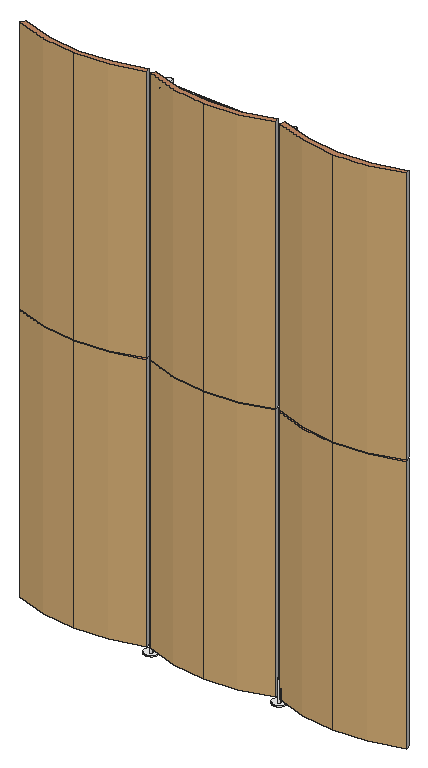
Revit family "Acoustic-Shell-Tower-Wenger-DIVA-16_32ft--", category Specialty Equipment, Revit 2018
Family settings
  Round Connector Dimension = Use Radius
  Part Type = Normal
  OmniClass Number = 23.21.25.13.11
  OmniClass Title = Acoustical Shells
  Work Plane-Based = No
  Always vertical = Yes
  Cut with Voids When Loaded = No
  Shared = No
  Room Calculation Point = No
Parameters (values of type "ERROR_LOAD TYPE CATALOG")
  ▼ Tapered Shell Selector [instance] = 0
  Tower Spacing Offset [instance] = 0' - 2"
  Tower Spacing Center Offset [instance] = Tower Spacing Offset / 2  # 0' - 1"
  No Taper [instance] = not(Tapered Shell)  # yes
  Version = 1
  URL = "https://www.wengercorp.com/"
  Tower Width = 12' - 0"
  Tower Height = 16' - 0"
  Tower Alignment Reference Offset = (Overall Width / 2) + (Shell Gap Horizontal Offset / 2)  # 6' - 0 173/256"
  ❷ Taper Right [instance] = and(Tapered Shell, ▼ Tapered Shell Selector > 1)  # no
  ❶ Taper Left [instance] = and(Tapered Shell, ▼ Tapered Shell Selector < 2)  # no
  Tower Array Number [instance] = 1
  Tapered Shell = no
  Taper Angle [instance] = 1.94°
  Door Right [instance] = no
  Door Left [instance] = no
  Door Clearance Radius = (Overall Width - Center Shell Panel Width - (Shell Gap Horizontal Offset * 4)) / 2  # 3' - 10 19/64"
  Shell Panel Height = 7' - 11 1/2"
  Shell Material = Wood - Wenger - Laminated Veneer Lumber
  Shell Gap Horizontal Offset = 0' - 1 45/128"
  Series = "DIVA®"
  Product Page URL = "https://www.wengercorp.com/acoustics/diva-full-stage-acoustical-shells.php"
  Panel Vertical Offset = 0' - 2"
  Panel Depth Offset = 0' - 0 11/16"
  Overall Width = Tower Width  # 12' - 0"
  Overall Height = Tower Height + Panel Vertical Offset  # 16' - 2"
  Overall Depth [instance] = 4' - 9.22512"
  Model = "ST051216"
  Manufacturer = "Wenger"  # constant formula
  Frame Height = 0' 7 55/128" + if(Tower Height < 17' 0", 15' 0 3/4", if(Tower Height < 18' 0", 15' 8 1/2", if(Tower Height < 19' 0", 17' 0", if(Tower Height < 20' 0", 17' 0", if(Tower Height < 21' 0", 18' 0", if(Tower Height < 22' 0", 18' 0", if(Tower Height < 23' 0", 20' 0", if(Tower Height < 24' 0", 20' 0", if(Tower Height < 25' 0", 22' 0", if(Tower Height < 26' 0", 23' 7 3/4", if(Tower Height < 27' 0", 24' 11", if(Tower Height < 28' 0", 24' 11", if(Tower Height < 29' 0", 25' 11", if(Tower Height < 30' 0", 25' 11", if(Tower Height < 31' 0", 27' 11", if(Tower Height < 32' 0", 27' 11", 29' 11 3/4"))))))))))))))))  # 15' - 8 23/128"
  ENGworks URL = "http://www.ENGworks.com/"
  Description = "Acoustical Tower"
  Center Shell Panel Width = 3' - 10"
  Assembly Code = "E1020300"
Reference planes (in)
  plane 1 "Center (Front/Back)": y = 0
  plane 2: z = 0
  plane 3 "Center (Left/Right)": x = 0
  plane 4: z = 2
  plane 5: y = 0.6875
  plane 6: z = 194
  plane 7: x = -72
  plane 8: x = 72
  plane 9: x = -24.875
  plane 10: x = 24.875
  plane 11: x = -71.17187
  plane 12: x = 71.17188
  plane 13: x = -73
  plane 14: x = 73
Lines and regions (in)
  model lines, style "Clearance", visible <- "Door Left", detail levels coarse+medium
    curve 1: arc (-71.17187, 0.6875, 0) -> (-57.61183, 33.42433, 0) -> (-24.875, 46.98437, 0) r 46.29687
    curve 3: line (-24.875, 46.98437, 0) -> (-24.875, 0.6875, 0)
  model lines, style "Clearance", visible <- "Door Right", detail levels coarse+medium
    curve 2: arc (71.17188, 0.6875, 0) -> (57.61183, 33.42433, 0) -> (24.875, 46.98437, 0) r 46.29688
    curve 4: line (24.875, 46.98437, 0) -> (24.875, 0.6875, 0)
Dimensions and locks (in)
  "Panel Vertical Offset": plane 4 to plane 2
  "Panel Depth Offset": plane 1 "Center (Front/Back)" to plane 5
  "Overall Height": plane 6 to plane 2
  "Door Clearance Radius": plane 11 to plane 9
  "Door Clearance Radius": plane 10 to plane 12
  "Tower Width": plane 7 to plane 8
  equal spacing: plane 7, plane 3 "Center (Left/Right)", plane 8
  "Tower Spacing Center Offset": plane 13 to plane 7
  "Tower Spacing Center Offset": plane 8 to plane 14
  aligned and locked: plane 2 to level
  aligned and locked: plane 1 "Center (Front/Back)" to nested 1
  aligned and locked: plane 3 "Center (Left/Right)" to nested 1
  aligned and locked: plane 2 to nested 1
  aligned and locked: curve 3 to plane 9
  aligned and locked: curve 4 to plane 10
  aligned and locked: plane 11 to curve 1
  aligned and locked: plane 5 to curve 1
  aligned and locked: plane 5 to curve 2
  aligned and locked: plane 12 to curve 2
  aligned and locked: nested 2 to plane 5
  aligned and locked: plane 3 "Center (Left/Right)" to nested 2
  aligned and locked: plane 4 to nested 2
Automatic sketch dimensions
  curve 3 to plane 5 = 0' - 0"
  curve 4 to plane 5 = 0' - 0"
Nested families (in)
  nested 1: "Wenger-DIVA_TowerCart" at (0, 0, 0), Vertical Frame Height <- "Frame Height", type "Standard", detail levels fine
    with Vertical Frame Height 15' - 8 23/128", Level 4 Cross Brace Visibility no, Level 4 Cross Brace Vertical Offset 30' - 8 11/256", Level 3 Cross Brace Visibility no, Level 3 Cross Brace Vertical Offset 22' - 8 31/64", 32ft Diva Tower no, 24ft Diva Tower no, Top Cross Brace Vertical Offset 7' - 11 143/256"
  nested 2: "Wenger-DIVA_TowerPanel_Assembly" at (0, 0.6875, 2), type "Standard"
    with Tower Spacing Offset 0' - 2", Taper Spacing Offset 0' - 0.06774", Taper Angle 1.94°
Definition of nested family "Wenger-DIVA_TowerCart"
  Parameters (values of type "Standard")
    Wheel Width = 0' - 2"
    Wheel Vertical Offset = 3' - 6 17/32"
    Wheel Radius = 0' - 3 1/2"
    Wheel Horizontal Offset = 1' - 2 3/8"
    Weight Box Width = 2' - 10"
    Weight Box Vertical Offset = 0' - 0 13/16"
    Weight Box Height = 0' - 9"
    Weight Box Depth = 0' - 11 1/8"
    Vertical Frame Vertical Offset = 0' - 0 29/32"
    Vertical Frame Horizontal Offset = 0' - 0 15/32"
    Vertical Frame Height [instance] = 17' - 7"
    Version = 1
    Tower Height = 16' - 0"
    Top Cross Brace Vertical Offset = 8' - 0"
    Manufacturer = "Wenger"  # constant formula
    Level 4 Cross Brace Visibility [instance] = [32ft Diva Tower]  # no
    Level 4 Cross Brace Vertical Offset [instance] = if([32ft Diva Tower], Vertical Frame Height - Cross Brace Frame Offset, Bottom Cross Brace Vertical Offset + Center Cross Brace Vertical Offset + (Top Cross Brace Vertical Offset * 3) - Cross Brace Frame Offset)  # 30' - 9 47/128"
    Level 3 Cross Brace Visibility [instance] = or([24ft Diva Tower], [32ft Diva Tower])  # no
    Level 3 Cross Brace Vertical Offset [instance] = if([24ft Diva Tower], Vertical Frame Height - Cross Brace Frame Offset, Bottom Cross Brace Vertical Offset + Center Cross Brace Vertical Offset + (Top Cross Brace Vertical Offset * 2) - Cross Brace Frame Offset)  # 22' - 9 47/128"
    Frame Material = none
    Description = "DIVA Tower Cart"
    Cross Brace Frame Offset = 0' - 11 1/2"
    Center Cross Brace Vertical Offset = 4' - 8 55/128"
    Leveler Shaft Radius = 0' - 0 1/2"
    Leveler Offset = 3' - 11 3/4"
    Leveler Height = 0' - 7 15/16"
    Leveler Foot Thickness = 0' - 0 3/16"
    Leveler Foot Radius = 0' - 2 1/2"
    ENGworks URL = "http://www.ENGworks.com/"
    Cross Brace Vertical Offset = 0' - 3 3/32"
    Cross Brace Radius = 0' - 1 1/4"
    Cart Wheel Height = 0' - 7 7/16"
    Brace Rod Radius = 0' - 0 1/2"
    Brace Rod Horizontal Offset = 1' - 5 7/8"
    Brace Rod End Vertical Offset = 1' - 1 5/16"
    Brace Rod End Horizontal Offset = 3' - 6 1/32"
    Brace Rod Bracket Width = 0' - 8 7/8"
    Brace Rod Bracket Depth = 0' - 1 13/16"
    Bottom Cross Brace Vertical Offset = 3' - 0 7/16"
    Base Handle Width = 2' - 0"
    Base Handle Radius = 0' - 0 1/2"
    Base Handle Height = 1' - 10 3/4"
    Base Handle Bracket Width = 0' - 1 1/4"
    Base Handle Bracket Height = 0' - 7"
    Base Handle Bend Radius = 0' - 2 1/2"
    Base Frame Material = none
    Base Frame Height = 0' - 8"
    Base Frame Depth = 4' - 2 7/32"
    Assembly Code = "E1020300"
    32ft Diva Tower [instance] = Tower Height > 24' 0"  # no
    24ft Diva Tower [instance] = and(Tower Height < 25' 0", Tower Height > 16' 0")  # no
  Reference planes (in)
    plane 1 "Center (Front/Back)": y = 0
    plane 2: z = 0
    plane 3 "Center (Left/Right)": x = 0
    plane 4: z = 7.4375
    plane 5: x = -23.875
    plane 6: x = 23.875
    plane 7: z = 0.1875
    plane 8: z = 7.9375
    plane 9: x = -14.375
    plane 10: x = 14.375
    plane 11: y = 42.53125
    plane 12: x = -15.375
    plane 13: x = -13.375
    plane 14: x = 13.375
    plane 15: x = 15.375
    plane 16: z = 3.5
    plane 17: x = -15.375
    plane 18: x = -13.375
    plane 19: x = -15.625
    plane 20: x = -13.125
    plane 21: y = 46.03125
    plane 22: y = 44.28125
    plane 23: y = 40.78125
    plane 24: x = 15.375
    plane 25: x = 13.375
    plane 26: x = 15.625
    plane 27: x = 13.125
    plane 28: y = 46.03125
    plane 29: y = 44.28125
    plane 30: y = 40.78125
    plane 31: y = 50.21875
    plane 32: y = 39.09375
    plane 33: x = -17
    plane 34: x = 17
    plane 35: z = 15.4375
    plane 36: z = 16.25
    plane 37: z = 7.25
    plane 38: x = -23.40625
    plane 39: x = 23.40625
    plane 40: y = 0.90625
    plane 41: z = 211
    plane 42: z = 36.4375
    plane 43: y = 3.09375
    plane 44: x = -17.875
    plane 45: x = 17.875
    plane 46: z = 13.3125
    plane 47: y = 42.03125
    plane 48: x = -18.8125
    plane 49: x = 18.8125
    plane 50: y = 47.96875
    plane 51: z = 15.1875
    plane 52: y = 39.34375
    plane 53: y = 41.00435
    plane 54: z = 12.6099
    plane 55: x = -17.375
    plane 56: z = 12.6099
    plane 57: x = -18.8125
    plane 58: x = 18.8125
    plane 59: x = 17.375
    plane 60: y = 47.96875
    plane 61: x = -18.8125
    plane 62: x = 18.8125
    plane 63: x = -17.375
    plane 64: x = 17.5
    plane 65: y = 41.00435
    plane 66: z = 92.86719
    plane 67: z = 188.86719
    plane 68: z = 273.36719
    plane 69: z = 369.36719
    plane 70: x = -12
    plane 71: x = 12
    plane 72: z = 14.25
    plane 73: x = -11.375
    plane 74: x = -12.625
    plane 75: x = 11.375
    plane 76: x = 12.625
    plane 77: y = 50.84375
    plane 78: y = 51.46875
    plane 79: z = 30
  Forms (in)
    Sweep 1, solid, material <- "Frame Material"
      path origin (0, 0, 0) x (1, 0, 0) y (0, 0, 1)
        loop
          line (-23.875, 0) -> (-23.875, 0.1875)
      profile "Profile-Circle : Profile-Leveler Disk" origin (-23.875, 0, 0.09375) x (-1, 0, 0) y (0, -1, 0)
        loop
          circle (0, 0) r 2.5
    Sweep 2, solid, material <- "Frame Material"
      path origin (0, 0, 0) x (1, 0, 0) y (0, 0, 1)
        loop
          line (-23.875, 0.1875) -> (-23.875, 7.9375)
      profile "Profile-Circle : Profile-Leveler Shaft" origin (-23.875, 0, 4.0625) x (-1, 0, 0) y (0, -1, 0)
        loop
          circle (0, 0) r 0.5
    Sweep 3, solid, material <- "Frame Material"
      path origin (0, 0, 0) x (1, 0, 0) y (0, 0, 1)
        loop
          line (23.875, 0) -> (23.875, 0.1875)
      profile "Profile-Circle : Profile-Leveler Disk" origin (23.875, 0, 0.09375) x (-1, 0, 0) y (0, -1, 0)
        loop
          circle (0, 0) r 2.5
    Sweep 4, solid, material <- "Frame Material"
      path origin (0, 0, 0) x (1, 0, 0) y (0, 0, 1)
        loop
          line (23.875, 0.1875) -> (23.875, 7.9375)
      profile "Profile-Circle : Profile-Leveler Shaft" origin (23.875, 0, 4.0625) x (-1, 0, 0) y (0, -1, 0)
        loop
          circle (0, 0) r 0.5
    Sweep 5, solid
      path origin (0, 82.57514, 3.5) x (0, 1, 0) y (-1, 0, 0)
        loop
          line (-40.04389, 15.375) -> (-40.04389, 13.375)
      profile "Profile-Circle : Profile-Wheel" origin (-14.375, 42.53125, 3.5) x (0, 1, 0) y (0, 0, 1)
        loop
          circle (0, 0) r 3.5
    Sweep 6, solid
      path origin (0, 82.57514, 3.5) x (0, 1, 0) y (-1, 0, 0)
        loop
          line (-40.04389, -13.375) -> (-40.04389, -15.375)
      profile "Profile-Circle : Profile-Wheel" origin (14.375, 42.53125, 3.5) x (0, 1, 0) y (0, 0, 1)
        loop
          circle (0, 0) r 3.5
    Sweep 7, solid, material <- "Base Frame Material"
      path origin (0, 0, 0) x (1, 0, 0) y (0, 1, 0)
        loop
          line (-15.625, 42.53125) -> (-13.125, 42.53125)
      profile origin (-14.375, 42.53125, 0) x (0, 1, 0) y (0, 0, 1)
        loop
          line (3.41667, 7.25) -> (-1.75, 7.25) -> (-1.75, 3.5)
          arc (-1.75, 3.5) -> (0, 2.36272) -> (1.75, 3.5) r 1.91506
          line (1.75, 3.5) -> (3.41667, 7.25)
    Sweep 8, solid, material <- "Base Frame Material"
      path origin (0, 0, 0) x (-1, 0, 0) y (0, 1, 0)
        loop
          line (-15.625, 42.53125) -> (-13.125, 42.53125)
      profile origin (14.375, 42.53125, 0) x (0, -1, 0) y (0, 0, 1)
        loop
          line (-3.41667, 7.25) -> (-1.75, 3.5)
          arc (-1.75, 3.5) -> (0, 2.36272) -> (1.75, 3.5) r 1.91506
          line (1.75, 3.5) -> (1.75, 7.25) -> (-3.41667, 7.25)
    Sweep 9, solid, material <- "Base Frame Material"
      path origin (0, 0, 0) x (1, 0, 0) y (0, 0, 1)
        loop
          line (0, 7.25) -> (0, 16.25)
      profile origin (0, 0, 11.75) x (-1, 0, 0) y (0, -1, 0)
        loop
          arc (15.75, -50.21875) -> (16.63388, -49.85263) -> (17, -48.96875) r 1.25
          line (17, -48.96875) -> (17, -39.09375) -> (-17, -39.09375) -> (-17, -48.96875)
          arc (-17, -48.96875) -> (-16.63388, -49.85263) -> (-15.75, -50.21875) r 1.25
          line (-15.75, -50.21875) -> (15.75, -50.21875)
    Sweep 10, solid, material <- "Base Frame Material"
      path origin (-17, 60, 48) x (0, 1, 0) y (0, 0, 1)
        loop
          line (-20.90625, -40.5625) -> (-20.90625, -32.5625)
      profile "Profile-Base Frame : Base Frame Profile" origin (-17, 39.09375, 11.4375) x (0, -1, 0) y (1, 0, 0)
        loop
          line (0, 0.25) -> (0, 0) -> (27.875, -5.57503) -> (31.25, -7.53125) -> (38.5625, -7.53125) -> (38.5625, -7.28125) -> (31.25, -7.28125) -> (27.875, -5.32503) -> (0, 0.25)
    Sweep 11, solid, material <- "Base Frame Material"
      path origin (17, 60, 48) x (0, 1, 0) y (0, 0, -1)
        loop
          line (-20.90625, 40.5625) -> (-20.90625, 32.5625)
      profile "Profile-Base Frame : Base Frame Profile" origin (17, 39.09375, 11.4375) x (0, 1, 0) y (-1, 0, 0)
        loop
          line (0, 0.25) -> (-27.875, -5.32503) -> (-31.25, -7.28125) -> (-38.5625, -7.28125) -> (-38.5625, -7.53125) -> (-31.25, -7.53125) -> (-27.875, -5.57503) -> (0, 0) -> (0, 0.25)
    Sweep 12, solid, material <- "Frame Material"
      path origin (-60, 0.90625, 48) x (-1, 0, 0) y (0, 0, 1)
        loop
          line (-36.59375, -40.5625) -> (-36.59375, 163)
      profile "Profile-Vertical Frame : Vertical Frame Profile" origin (-23.40625, 0.90625, 109.21875) x (1, 0, 0) y (0, 1, 0)
        loop
          line (-0.82812, 6.375) -> (-0.82812, 0) -> (0.82812, 0) -> (0.82813, 5.33245)
          arc (0.82813, 5.33245) -> (0.94408, 7.35353) -> (-0.82812, 6.375) r 1.15625
    Sweep 13, solid, material <- "Frame Material"
      path origin (60, 0.90625, 48) x (1, 0, 0) y (0, 0, -1)
        loop
          line (-36.59375, 40.5625) -> (-36.59375, -163)
      profile "Profile-Vertical Frame : Vertical Frame Profile" origin (23.40625, 0.90625, 109.21875) x (1, 0, 0) y (0, 1, 0)
        loop
          arc (0.82812, 6.375) -> (-0.94408, 7.35353) -> (-0.82813, 5.33245) r 1.15625
          line (-0.82813, 5.33245) -> (-0.82812, 0) -> (0.82812, 0) -> (0.82812, 6.375)
    Sweep 14, solid, material <- "Frame Material"
      path origin (-60.41868, 3.09375, 48) x (-1, 0, 0) y (0, 0, 1)
        loop
          line (-37.01243, -11.5625) -> (-83.82493, -11.5625)
      profile "Profile-Circle : Profile-Cross Brace" origin (0, 3.09375, 36.4375) x (0, 0, -1) y (0, 1, 0)
        loop
          circle (0, 0) r 1.25
    Sweep 15, solid, material <- "Frame Material"
      path origin (-17.875, -180, -12) x (0, 0, -1) y (0, -1, 0)
        loop
          line (-25.3125, -222.03125) -> (-48.4375, -183.09375)
      profile "Profile-Circle : Profile-Brace Rod" origin (-17.875, 22.5625, 24.875) x (0, 0.510634, 0.859798) y (-1, 0, 0)
        loop
          circle (0, 0) r 0.5
    Sweep 16, solid, material <- "Frame Material"
      path origin (17.875, -180, -12) x (0, 0, -1) y (0, 1, 0)
        loop
          line (-25.3125, 222.03125) -> (-48.4375, 183.09375)
      profile "Profile-Circle : Profile-Brace Rod" origin (17.875, 22.5625, 24.875) x (0, -0.510634, -0.859798) y (1, 0, 0)
        loop
          circle (0, 0) r 0.5
    Sweep 17, solid, material <- "Base Frame Material"
      path origin (0, 0, 0) x (1, 0, 0) y (0, 1, 0)
        loop
          line (-18.8125, 39.09375) -> (18.8125, 39.09375)
      profile origin (0, 39.09375, 0) x (0, 1, 0) y (0, 0, 1)
        loop
          line (8.875, 15.4375) -> (1.9106, 15.4375) -> (0, 12.6099) -> (0, 7.4375) -> (0.25, 7.4375) -> (0.25, 12.6099) -> (1.9106, 15.1875) -> (8.875, 15.1875) -> (8.875, 15.4375)
    Sweep 18, void
      path origin (0, 0, 0) x (1, 0, 0) y (0, 1, 0)
        loop
          line (0, 50.21875) -> (0, 39.09375)
      profile origin (0, 44.65625, 0) x (1, 0, 0) y (0, 0, 1)
        loop
          line (-18.8125, 12.6099) -> (-18.8125, 7.4375) -> (-17.375, 7.4375) -> (-18.8125, 12.6099)
        loop
          line (18.8125, 12.6099) -> (17.375, 7.4375) -> (18.8125, 7.4375) -> (18.8125, 12.6099)
    Sweep 19, void
      path origin (0, 0, 0) x (1, 0, 0) y (0, 0, 1)
        loop
          line (0, 7.4375) -> (0, 15.4375)
      profile origin (0, 0, 11.4375) x (-1, 0, 0) y (0, -1, 0)
        loop
          line (18.8125, -41.00435) -> (17.375, -47.96875) -> (18.8125, -47.96875) -> (18.8125, -41.00435)
        loop
          line (-18.8125, -47.96875) -> (-17.5, -47.96875) -> (-18.8125, -41.00435) -> (-18.8125, -47.96875)
    Sweep 20, solid, material <- "Frame Material"
      path origin (-60.41868, 3.09375, 48) x (-1, 0, 0) y (0, 0, 1)
        loop
          line (-37.01243, 44.86719) -> (-83.82493, 44.86719)
      profile "Profile-Circle : Profile-Cross Brace" origin (0, 3.09375, 92.86719) x (0, 0, -1) y (0, 1, 0)
        loop
          circle (0, 0) r 1.25
    Sweep 21, solid, material <- "Frame Material"
      path origin (-60.41868, 3.09375, 48) x (-1, 0, 0) y (0, 0, 1)
        loop
          line (-37.01243, 140.86719) -> (-83.82493, 140.86719)
      profile "Profile-Circle : Profile-Cross Brace" origin (0, 3.09375, 188.86719) x (0, 0, -1) y (0, 1, 0)
        loop
          circle (0, 0) r 1.25
    Sweep 22, solid, material <- "Frame Material", visible <- "Level 3 Cross Brace Visibility"
      path origin (-60.41868, 3.09375, 48) x (-1, 0, 0) y (0, 0, 1)
        loop
          line (-37.01243, 225.36719) -> (-83.82493, 225.36719)
      profile "Profile-Circle : Profile-Cross Brace" origin (0, 3.09375, 273.36719) x (0, 0, -1) y (0, 1, 0)
        loop
          circle (0, 0) r 1.25
    Sweep 23, solid, material <- "Frame Material", visible <- "Level 4 Cross Brace Visibility"
      path origin (-60.41868, 3.09375, 48) x (-1, 0, 0) y (0, 0, 1)
        loop
          line (-37.01243, 321.36719) -> (-83.82493, 321.36719)
      profile "Profile-Circle : Profile-Cross Brace" origin (0, 3.09375, 369.36719) x (0, 0, -1) y (0, 1, 0)
        loop
          circle (0, 0) r 1.25
    Sweep 24, solid, material <- "Base Frame Material"
      path origin (0, 0, 0) x (1, 0, 0) y (0, 0, 1)
        loop
          line (0, 7.25) -> (0, 14.25)
      profile origin (0, 0, 10.75) x (-1, 0, 0) y (0, -1, 0)
        loop
          line (12.625, -51.46875) -> (12.625, -50.21875) -> (11.375, -50.21875) -> (11.375, -51.46875) -> (12.625, -51.46875)
        loop
          line (-11.375, -51.46875) -> (-11.375, -50.21875) -> (-12.625, -50.21875) -> (-12.625, -51.46875) -> (-11.375, -51.46875)
    Sweep 25, solid, material <- "Frame Material"
      path origin (42.875, 50.84375, 48) x (1, 0, 0) y (0, 0, 1)
        loop
          line (-54.875, -40.75) -> (-54.875, -20.5)
          arc (-54.875, -20.5) -> (-54.14277, -18.73223) -> (-52.375, -18) r 2.5
          line (-52.375, -18) -> (-33.375, -18)
          arc (-33.375, -18) -> (-31.60723, -18.73223) -> (-30.875, -20.5) r 2.5
          line (-30.875, -20.5) -> (-30.875, -40.75)
      profile "Profile-Circle : Profile-Base Handle" origin (0, 50.84375, 30) x (0, 0, 1) y (0, -1, 0)
        loop
          circle (0, 0) r 0.5
  Cuts and joins
    Sweep 18, Sweep 19 cuts Sweep 17
    joined: Sweep 9, Sweep 17
  Dimensions and locks (in)
    "Cart Wheel Height": plane 4 to plane 2
    equal spacing: plane 6, plane 3 "Center (Left/Right)", plane 5
    "Leveler Offset": plane 5 to plane 6
    "Leveler Foot Thickness": plane 7 to plane 2
    "Leveler Height": plane 8 to plane 2
    "Wheel Horizontal Offset": plane 9 to plane 3 "Center (Left/Right)" to plane 10
    "Wheel Vertical Offset": plane 1 "Center (Front/Back)" to plane 11
    equal spacing: plane 12, plane 9, plane 13
    "Wheel Width": plane 12 to plane 13
    equal spacing: plane 14, plane 10, plane 15
    "Wheel Width": plane 14 to plane 15
    "Wheel Radius": plane 16 to plane 2
    equal spacing: plane 17, plane 9, plane 18
    locked: plane 19 to plane 17 at 0.25
    locked: plane 18 to plane 20 at 0.25
    "Wheel Width": plane 17 to plane 18
    "Wheel Radius": plane 21 to plane 11
    equal spacing: plane 21, plane 22, plane 11, plane 23
    equal spacing: plane 24, plane 10, plane 25
    locked: plane 26 to plane 24 at 0.25
    locked: plane 25 to plane 27 at 0.25
    equal spacing: plane 30, plane 11, plane 29, plane 28
    "Wheel Radius": plane 28 to plane 11
    "Base Frame Depth": plane 1 "Center (Front/Back)" to plane 31
    "Weight Box Depth": plane 31 to plane 32
    equal spacing: plane 33, plane 3 "Center (Left/Right)", plane 34
    "Weight Box Width": plane 33 to plane 34
    "Base Frame Height": plane 35 to plane 4
    "Weight Box Height": plane 36 to plane 37
    "Weight Box Vertical Offset": plane 36 to plane 35
    "Wheel Width": plane 25 to plane 24
    "Vertical Frame Vertical Offset": plane 1 "Center (Front/Back)" to plane 40
    "Vertical Frame Horizontal Offset": plane 5 to plane 38
    "Vertical Frame Horizontal Offset": plane 39 to plane 6
    "Vertical Frame Height": plane 41 to plane 2
    "Bottom Cross Brace Vertical Offset": plane 42 to plane 2
    "Cross Brace Vertical Offset": plane 1 "Center (Front/Back)" to plane 43
    "Brace Rod Horizontal Offset": plane 45 to plane 3 "Center (Left/Right)" to plane 44
    "Brace Rod End Vertical Offset": plane 46 to plane 2
    "Brace Rod End Horizontal Offset": plane 47 to plane 1 "Center (Front/Back)"
    "Brace Rod Bracket Depth": plane 48 to plane 33
    "Brace Rod Bracket Depth": plane 34 to plane 49
    "Brace Rod Bracket Width": plane 50 to plane 32
    locked: plane 52 to plane 32 at 0.25
    locked: plane 35 to plane 51 at 0.25
    locked: plane 51 to plane 54 at 2.5776
    locked: plane 53 to plane 52 at 1.6606
    locked: plane 35 to plane 56 at 2.8276
    "Brace Rod Radius": plane 44 to plane 55
    "Brace Rod Bracket Depth": plane 57 to plane 33
    "Brace Rod Radius": plane 59 to plane 45
    "Brace Rod Bracket Depth": plane 58 to plane 34
    "Brace Rod Bracket Width": plane 60 to plane 32
    "Brace Rod Bracket Depth": plane 61 to plane 33
    "Brace Rod Bracket Depth": plane 34 to plane 62
    "Brace Rod Radius": plane 44 to plane 63
    "Brace Rod Radius": plane 34 to plane 64
    locked: plane 65 to plane 32 at 1.9106
    "Center Cross Brace Vertical Offset": plane 66 to plane 42
    "Top Cross Brace Vertical Offset": plane 67 to plane 66
    equal spacing: plane 71, plane 3 "Center (Left/Right)", plane 70
    "Base Handle Width": plane 70 to plane 71
    "Base Handle Bracket Height": plane 72 to plane 37
    equal spacing: plane 74, plane 70, plane 73
    equal spacing: plane 75, plane 71, plane 76
    "Base Handle Bracket Width": plane 74 to plane 73
    "Base Handle Bracket Width": plane 75 to plane 76
    equal spacing: plane 78, plane 77, plane 31
    "Base Handle Bracket Width": plane 78 to plane 31
    "Base Handle Height": plane 79 to plane 37
    "Level 3 Cross Brace Vertical Offset": plane 68 to plane 2
    "Level 4 Cross Brace Vertical Offset": plane 69 to plane 2
    radius of Sweep 9 sketch curve = 0' - 1 1/4"  (x2)
    "Base Handle Bend Radius": radius of Sweep 25 sketch curve  (x2)
    aligned and locked: plane 2 to level
    aligned and locked: Sweep 1 sketch curve to plane 5
    aligned and locked: plane 7 to Sweep 1 sketch curve
    aligned and locked: plane 2 to Sweep 1 sketch curve
    aligned and locked: Sweep 2 sketch curve to plane 5
    aligned and locked: plane 8 to Sweep 2 sketch curve
    aligned and locked: plane 7 to Sweep 2 sketch curve
    aligned and locked: plane 6 to Sweep 3 sketch curve
    aligned and locked: plane 7 to Sweep 3 sketch curve
    aligned and locked: plane 2 to Sweep 3 sketch curve
    aligned and locked: plane 6 to Sweep 4 sketch curve
    aligned and locked: plane 7 to Sweep 4 sketch curve
    aligned and locked: plane 8 to Sweep 4 sketch curve
    aligned and locked: Sweep 5 sketch curve to plane 11
    aligned and locked: plane 12 to Sweep 5 sketch curve
    aligned and locked: plane 13 to Sweep 5 sketch curve
    aligned and locked: Sweep 6 sketch curve to plane 11
    aligned and locked: plane 14 to Sweep 6 sketch curve
    aligned and locked: plane 15 to Sweep 6 sketch curve
    aligned and locked: plane 19 to Sweep 7 sketch curve
    aligned and locked: plane 20 to Sweep 7 sketch curve
    aligned and locked: Sweep 7 sketch curve to plane 11
    aligned and locked: plane 16 to Sweep 7 sketch curve  (x2)
    aligned and locked: Sweep 7 sketch curve to plane 23
    aligned and locked: plane 22 to Sweep 7 sketch curve
    aligned and locked: Sweep 8 sketch curve to plane 26
    aligned and locked: Sweep 8 sketch curve to plane 27
    aligned and locked: plane 30 to Sweep 8 sketch curve
    aligned and locked: Sweep 8 sketch curve to plane 29
    aligned and locked: plane 16 to Sweep 8 sketch curve  (x2)
    aligned and locked: plane 3 "Center (Left/Right)" to Sweep 9 sketch curve
    aligned and locked: plane 37 to Sweep 9 sketch curve
    aligned and locked: plane 36 to Sweep 9 sketch curve
    aligned and locked: plane 32 to Sweep 9 sketch curve
    aligned and locked: Sweep 9 sketch curve to plane 31
    aligned and locked: Sweep 9 sketch curve to plane 34
    aligned and locked: plane 33 to Sweep 9 sketch curve
    aligned and locked: Sweep 7 sketch curve to plane 37
    aligned and locked: Sweep 8 sketch curve to plane 37
    aligned and locked: Sweep 10 sketch curve to plane 32
    aligned and locked: plane 35 to Sweep 10 sketch curve
    aligned and locked: plane 4 to Sweep 10 sketch curve
    aligned and locked: plane 35 to Sweep 11 sketch curve
    aligned and locked: plane 4 to Sweep 11 sketch curve
    aligned and locked: Sweep 11 sketch curve to plane 32
    aligned and locked: plane 41 to Sweep 12 sketch curve
    aligned and locked: plane 4 to Sweep 12 sketch curve
    aligned and locked: plane 38 to Sweep 12 sketch curve
    aligned and locked: plane 4 to Sweep 13 sketch curve
    aligned and locked: plane 39 to Sweep 13 sketch curve
    aligned and locked: plane 41 to Sweep 13 sketch curve
    aligned and locked: Sweep 14 sketch curve to plane 42
    aligned and locked: plane 38 to Sweep 14 sketch curve
    aligned and locked: plane 39 to Sweep 14 sketch curve
    aligned and locked: plane 46 to Sweep 15 sketch curve
    aligned and locked: plane 47 to Sweep 15 sketch curve
    aligned and locked: plane 43 to Sweep 15 sketch curve
    aligned and locked: plane 42 to Sweep 15 sketch curve
    aligned and locked: plane 47 to Sweep 16 sketch curve
    aligned and locked: plane 46 to Sweep 16 sketch curve
    aligned and locked: plane 43 to Sweep 16 sketch curve
    aligned and locked: plane 42 to Sweep 16 sketch curve
    aligned and locked: plane 48 to Sweep 17 sketch curve
    aligned and locked: Sweep 17 sketch curve to plane 32
    aligned and locked: plane 49 to Sweep 17 sketch curve
    aligned and locked: Sweep 17 sketch curve to plane 52
    aligned and locked: plane 4 to Sweep 17 sketch curve
    aligned and locked: plane 32 to Sweep 17 sketch curve
    aligned and locked: Sweep 17 sketch curve to plane 50
    aligned and locked: Sweep 17 sketch curve to plane 35
    aligned and locked: plane 51 to Sweep 17 sketch curve
    aligned and locked: plane 53 to Sweep 17 sketch curve  (x2)
    aligned and locked: plane 54 to Sweep 17 sketch curve  (x2)
    aligned and locked: Sweep 18 sketch curve to plane 3 "Center (Left/Right)"
    aligned and locked: plane 31 to Sweep 18 sketch curve
    aligned and locked: plane 32 to Sweep 18 sketch curve
    aligned and locked: Sweep 18 sketch curve to plane 58
    aligned and locked: plane 56 to Sweep 18 sketch curve  (x2)
    aligned and locked: plane 4 to Sweep 18 sketch curve  (x2)
    aligned and locked: plane 59 to Sweep 18 sketch curve
    aligned and locked: Sweep 18 sketch curve to plane 57
    aligned and locked: plane 55 to Sweep 18 sketch curve
    aligned and locked: plane 3 "Center (Left/Right)" to Sweep 19 sketch curve
    aligned and locked: plane 35 to Sweep 19 sketch curve
    aligned and locked: plane 4 to Sweep 19 sketch curve
    aligned and locked: plane 60 to Sweep 19 sketch curve  (x2)
    aligned and locked: Sweep 19 sketch curve to plane 61
    aligned and locked: plane 65 to Sweep 19 sketch curve  (x2)
    aligned and locked: plane 63 to Sweep 19 sketch curve
    aligned and locked: plane 62 to Sweep 19 sketch curve
    aligned and locked: plane 64 to Sweep 19 sketch curve
    aligned and locked: Sweep 20 sketch curve to plane 66
    aligned and locked: plane 38 to Sweep 20 sketch curve
    aligned and locked: plane 39 to Sweep 20 sketch curve
    aligned and locked: Sweep 21 sketch curve to plane 67
    aligned and locked: plane 38 to Sweep 21 sketch curve
    aligned and locked: plane 39 to Sweep 21 sketch curve
    aligned and locked: Sweep 22 sketch curve to plane 68
    aligned and locked: plane 38 to Sweep 22 sketch curve
    aligned and locked: plane 39 to Sweep 22 sketch curve
    aligned and locked: plane 69 to Sweep 23 sketch curve
    aligned and locked: plane 39 to Sweep 23 sketch curve
    aligned and locked: plane 38 to Sweep 23 sketch curve
    aligned and locked: plane 3 "Center (Left/Right)" to Sweep 24 sketch curve
    aligned and locked: plane 72 to Sweep 24 sketch curve
    aligned and locked: plane 37 to Sweep 24 sketch curve
    aligned and locked: plane 74 to Sweep 24 sketch curve
    aligned and locked: plane 31 to Sweep 24 sketch curve  (x2)
    aligned and locked: Sweep 24 sketch curve to plane 73
    aligned and locked: plane 75 to Sweep 24 sketch curve
    aligned and locked: Sweep 24 sketch curve to plane 76
    aligned and locked: plane 78 to Sweep 24 sketch curve  (x2)
    aligned and locked: Sweep 25 sketch curve to plane 79
    aligned and locked: Sweep 25 sketch curve to plane 70
    aligned and locked: plane 71 to Sweep 25 sketch curve
    aligned and locked: plane 37 to Sweep 25 sketch curve  (x2)
  Automatic sketch dimensions
    plane 21 to Sweep 7 sketch curve = 0' - 0.08333"
    Sweep 8 sketch curve to plane 11 = 0' - 0"
    plane 28 to Sweep 8 sketch curve = 0' - 0.08333"
Definition of nested family "Wenger-DIVA_TowerPanel_Assembly"
  Parameters (values of type "Standard")
    Version = 1
    Tower Spacing Offset = 0' - 1 1/4"
    Tower Base Offset = 0' - 2"
    Tower Height = 16' - 0"
    Tower Width = 12' - 0"
    Tower Array Number = 1
    Taper Spacing Offset = (Tower Spacing Offset * tan(Taper Angle))  # 0' - 0"
    Taper Right Vertical Offset = Tower Height - Taper Right Offset  # 16' - 0"
    Taper Right Offset = if(not(Taper Right), 0' 0", Tower Width * tan(Taper Angle)) + (((Tower Width * tan(Taper Angle)) + Taper Spacing Offset) * if(or(Taper Left, Taper Right), Tower Array Number - 1, 0))  # 0' - 0"
    Taper Right = no
    Taper Left Vertical Offset = Tower Height - Taper Left Offset  # 16' - 0"
    Taper Left Offset = if(not(Taper Left), 0' 0", Tower Width * tan(Taper Angle)) + (((Tower Width * tan(Taper Angle)) + Taper Spacing Offset) * if(or(Taper Left, Taper Right), Tower Array Number - 1, 0))  # 0' - 0"
    Taper Left = no
    Taper Angle = 0.00°
    Shell Material = none
    Shell Height = 7' - 11 1/2"
    Shell Gap Horizontal Offset = 0' - 1 45/128"
    Center Panel Width = 4' 0" - Shell Gap Horizontal Offset  # 3' - 10 83/128"
    Panel Curve Radius = 5' - 0"
    Manufacturer = "Wenger"  # constant formula
    ENGworks URL = "http://www.ENGworks.com/"
    Description = "Acoustic Shells"
    Assembly Code = "E1020300"
  Reference planes (in)
    plane 1 "Center (Front/Back)": y = 0
    plane 2: z = 0
    plane 3 "Center (Left/Right)": x = 0
    plane 4: z = 96.25
    plane 5: z = 192.5
    plane 6: z = 288.5
    plane 7: x = -72
    plane 8: x = 72
    plane 9: z = 192
    plane 10: z = 384
    plane 11: z = 288
    plane 12: z = 384.5
    plane 13: z = 95.75
    plane 14: y = -12
    plane 15: z = 192
    plane 16: z = 192
    plane 17: z = 96
  Forms (in)
    Sweep 1, solid
      path origin (0, 0, 0) x (1, 0, 0) y (0, 0, 1)
        loop
          line (0, 0) -> (0, 384)
      profile "Profile-Tower_Array_Panel : Tower_Panel-Profile" origin (0, 0, 192) x (-1, 0, 0) y (0, -1, 0)
        loop
          arc (-24.67578, 1.59166) -> (-36.27384, 5.11946) -> (-48.33789, 6.31073) r 61.68214
          arc (-48.33789, 6.31073) -> (-60.40194, 5.11946) -> (-72, 1.59166) r 61.68214
          line (-72, 1.59166) -> (-71.32845, 0)
          arc (-71.32845, 0) -> (-60.04517, 3.31667) -> (-48.33789, 4.43573) r 61.79832
          arc (-48.33789, 4.43573) -> (-36.63061, 3.31667) -> (-25.34734, 0) r 61.79832
          line (-25.34734, 0) -> (-24.67578, 1.59166)
        loop
          arc (72, 1.59166) -> (60.40194, 5.11946) -> (48.33789, 6.31073) r 61.68214
          arc (48.33789, 6.31073) -> (36.27384, 5.11946) -> (24.67578, 1.59166) r 61.68214
          line (24.67578, 1.59166) -> (25.34734, 0)
          arc (25.34734, 0) -> (36.63061, 3.31667) -> (48.33789, 4.43573) r 61.79832
          arc (48.33789, 4.43573) -> (60.04517, 3.31667) -> (71.32845, 0) r 61.79832
          line (71.32845, 0) -> (72, 1.59166)
        loop
          arc (0, 6.31073) -> (-11.89343, 5.11912) -> (-23.31406, 1.59166) r 59.94979
          line (-23.31406, 1.59166) -> (-22.65196, 0)
          arc (-22.65196, 0) -> (-11.54109, 3.31637) -> (0, 4.43573) r 60.05627
          arc (0, 4.43573) -> (11.54109, 3.31637) -> (22.65196, 0) r 60.05627
          line (22.65196, 0) -> (23.31406, 1.59166)
          arc (23.31406, 1.59166) -> (11.89343, 5.11912) -> (0, 6.31073) r 59.94979
    Sweep 2, void
      path origin (0, 0, 0) x (1, 0, 0) y (0, 1, 0)
        loop
          line (-72, 0) -> (72, 0)
      profile origin (0, 0, 0) x (0, 1, 0) y (0, 0, 1)
        loop
          line (0, 288.5) -> (-12, 288.5) -> (-12, 288) -> (0, 288) -> (0, 288.5)
        loop
          line (0, 192.5) -> (-12, 192.5) -> (-12, 192) -> (0, 192) -> (0, 192.5)
        loop
          line (-12, 96.25) -> (-12, 95.75) -> (0, 95.75) -> (0, 96.25) -> (-12, 96.25)
    Sweep 3, void
      path origin (0, 0, 0) x (1, 0, 0) y (0, 1, 0)
        loop
          line (0, 0) -> (0, -12)
      profile origin (0, -6, 0) x (1, 0, 0) y (0, 0, 1)
        loop
          line (-72, 384.5) -> (-72, 192) -> (72, 192) -> (72, 384.5) -> (-72, 384.5)
  Cuts and joins
    Sweep 2, Sweep 3 cuts Sweep 1
  Dimensions and locks (in)
    equal spacing: plane 8, plane 3 "Center (Left/Right)", plane 7
    "Tower Width": plane 8 to plane 7
    locked: plane 14 to plane 1 "Center (Front/Back)" at 12
    "Taper Left Vertical Offset": plane 15 to plane 2
    "Taper Right Vertical Offset": plane 16 to plane 2
    "Shell Height": plane 10 to plane 6
    "Shell Height": plane 11 to plane 5
    locked: plane 10 to plane 2 at 384
    locked: plane 11 to plane 2 at 288
    locked: plane 9 to plane 2 at 192
    locked: plane 12 to plane 10 at 0.5
    equal spacing: plane 9, plane 17, plane 2
    locked: plane 4 to plane 17 at 0.25
    locked: plane 17 to plane 13 at 0.25
    aligned and locked: plane 2 to level
    aligned and locked: plane 3 "Center (Left/Right)" to Sweep 1 sketch curve
    aligned and locked: plane 10 to Sweep 1 sketch curve
    aligned and locked: plane 2 to Sweep 1 sketch curve
    aligned and locked: plane 1 "Center (Front/Back)" to Sweep 2 sketch curve  (x3)
    aligned and locked: plane 7 to Sweep 2 sketch curve
    aligned and locked: plane 8 to Sweep 2 sketch curve
    aligned and locked: plane 6 to Sweep 2 sketch curve
    aligned and locked: Sweep 2 sketch curve to plane 11
    aligned and locked: plane 14 to Sweep 2 sketch curve  (x2)
    aligned and locked: plane 5 to Sweep 2 sketch curve
    aligned and locked: Sweep 2 sketch curve to plane 9
    aligned and locked: Sweep 2 sketch curve to plane 14
    aligned and locked: Sweep 2 sketch curve to plane 4
    aligned and locked: plane 13 to Sweep 2 sketch curve
    aligned and locked: Sweep 2 sketch curve to plane 1 "Center (Front/Back)"
    aligned and locked: Sweep 3 sketch curve to plane 3 "Center (Left/Right)"
    aligned and locked: plane 1 "Center (Front/Back)" to Sweep 3 sketch curve
    aligned and locked: plane 14 to Sweep 3 sketch curve
    aligned and locked: plane 12 to Sweep 3 sketch curve
    aligned and locked: Sweep 3 sketch curve to plane 7
    aligned and locked: plane 8 to Sweep 3 sketch curve
    aligned and locked: plane 16 to Sweep 3 sketch curve
    aligned and locked: plane 15 to Sweep 3 sketch curve
